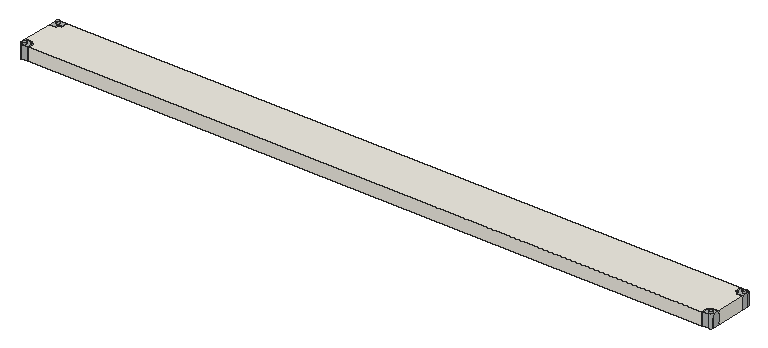
Revit family "HIGHTECH", category Осветительные приборы, Revit 2019 (continued)
Types (32, lengths in mm): name | Файл фотометрической сетки | built-in parameter 1150105 | Lumens | built-in parameter 1150106 | built-in parameter 1150142 | Wattage | Emit from Rectangle Width | Emit from Rectangle Length | Длина | Ширина | ADSK_Ток | ADSK_Полная мощность | ADSK_Обозначение | ADSK_Номинальная мощность | ADSK_Наименование | ADSK_Масса | ADSK_Код изделия
  Hightech-38/opal-sand 295х1195 (IP54, 4000К, белый) c БАП на 3 часа | "Светильник HIGHTECH-38 OPAL-SAND-(295x1195).ies" | 302.39 (stored number, unit not read) | 3800 lm | 3.0239 (stored number, unit not read) | "IESNA:LM-63-1995\r\n[TEST] Протокол №334/16 от 03.11.2016г. Испытательная лаборатория Государственного предприятия \"ЦСОТ НАН Беларуси\"\r\n[MORE] FFFFFFFD255B12BA015C13F525FB5F2F2\r\n[DATA] 02.11.2016\r\n[MANUFAC] ЗАО \"Центрстройсвет\"\r\n[LUMCAT] Светильник HIGHTECH-38/OPAL-SAND-(295X1195)\r\n[LUMINAIRE] офисное освещение\r\n[LAMP] \r\nTILT=NONE\r\n1    -1.0   1.000 91 181 1 2   0.295   1.195   0.04\r\n1.0  1.0   37.90\r\n0.0 2.0 4.0 6.0 8.0 10.0 12.0 14.0 16.0 18.0 20.0 22.0 24.0 26.0 28.0 30.0 32.0 34.0 36.0 38.0 40.0 42.0 44.0 46.0 48.0 50.0 52.0 54.0 56.0 58.0 60.0 62.0 64.0 66.0 68.0 70.0 72.0 74.0 76.0 78.0 80.0 82.0 84.0 86.0 88.0 90.0 92.0 94.0 96.0 98.0 100.0 102.0 104.0 106.0 108.0 110.0 112.0 114.0 116.0 118.0 120.0 122.0 124.0 126.0 128.0 130.0 132.0 134.0 136.0 138.0 140.0 142.0 144.0 146.0 148.0 150.0 152.0 154.0 156.0 158.0 160.0 162.0 164.0 166.0 168.0 170.0 172.0 174.0 176.0 178.0 180.0 \r\n0.0 2.0 4.0 6.0 8.0 10.0 12.0 14.0 16.0 18.0 20.0 22.0 24.0 26.0 28.0 30.0 32.0 34.0 36.0 38.0 40.0 42.0 44.0 46.0 48.0 50.0 52.0 54.0 56.0 58.0 60.0 62.0 64.0 66.0 68.0 70.0 72.0 74.0 76.0 78.0 80.0 82.0 84.0 86.0 88.0 90.0 92.0 94.0 96.0 98.0 100.0 102.0 104.0 106.0 108.0 110.0 112.0 114.0 116.0 118.0 120.0 122.0 124.0 126.0 128.0 130.0 132.0 134.0 136.0 138.0 140.0 142.0 144.0 146.0 148.0 150.0 152.0 154.0 156.0 158.0 160.0 162.0 164.0 166.0 168.0 170.0 172.0 174.0 176.0 178.0 180.0 182.0 184.0 186.0 188.0 190.0 192.0 194.0 196.0 198.0 200.0 202.0 204.0 206.0 208.0 210.0 212.0 214.0 216.0 218.0 220.0 222.0 224.0 226.0 228.0 230.0 232.0 234.0 236.0 238.0 240.0 242.0 244.0 246.0 248.0 250.0 252.0 254.0 256.0 258.0 260.0 262.0 264.0 266.0 268.0 270.0 272.0 274.0 276.0 278.0 280.0 282.0 284.0 286.0 288.0 290.0 292.0 294.0 296.0 298.0 300.0 302.0 304.0 306.0 308.0 310.0 312.0 314.0 316.0 318.0 320.0 322.0 324.0 326.0 328.0 330.0 332.0 334.0 336.0 338.0 340.0 342.0 344.0 346.0 348.0 350.0 352.0 354.0 356.0 358.0 360.0 \r\n1417.637 1416.354 1411.816 1405.303 1395.733 1384.288 1370.276 1353.307 1334.658 1313.741 1290.456 1264.901 1237.669 1208.563 1177.582 1144.923 1111.476 1076.252 \r\n1039.646 1001.857 963.476 923.417 883.260 842.018 801.072 758.644 716.317 673.693 630.576 587.064 543.749 500.435 457.614 414.891 371.972 330.137 289.191 248.836 209.765 171.778 \r\n133.693 99.653 67.389 36.901 9.077 0.592 0.592 0.592 0.493 0.493 0.493 0.493 0.493 0.493 0.493 0.493 0.395 0.395 0.395 0.395 0.395 0.395 0.395 0.296 0.296 0.296 0.296 0.296 0.296 0.296 0.296 0.197 \r\n0.197 0.197 0.197 0.197 0.197 0.197 0.197 0.098 0.098 0.098 0.098 0.098 0.098 0.098 0.098 0.000 0.000 0.000 0.000 \r\n1417.637 1416.453 1411.914 1405.402 1395.930 1384.583 1370.671 1353.701 1335.053 1314.234 1290.850 1265.395 1238.261 1209.155 1178.075 1145.515 1112.067 1076.844 \r\n1040.239 1002.548 964.167 924.207 883.951 842.708 801.762 759.336 717.008 674.383 631.267 587.755 544.441 501.126 458.206 415.385 372.465 330.631 289.585 249.231 210.160 172.172 \r\n134.088 99.949 67.685 37.198 9.275 0.592 0.592 0.592 0.493 0.493 0.493 0.493 0.493 0.493 0.493 0.493 0.395 0.395 0.395 0.395 0.395 0.395 0.395 0.296 0.296 0.296 0.296 0.296 0.296 0.296 0.296 0.197 \r\n0.197 0.197 0.197 0.197 0.197 0.197 0.197 0.098 0.098 0.098 0.098 0.098 0.098 0.098 0.098 0.000 0.000 0.000 0.000 \r\n1417.637 1416.453 1412.013 1405.600 1396.226 1384.781 1370.968 1354.095 1335.448 1314.629 1291.344 1265.888 1238.754 1209.648 1178.667 1146.206 1112.758 1077.534 \r\n1040.929 1003.140 964.857 924.898 884.740 843.400 802.453 760.026 717.698 674.976 631.859 588.446 545.032 501.718 458.798 415.977 373.057 331.124 290.079 249.625 210.553 172.567 \r\n134.383 100.245 67.883 37.394 9.472 0.592 0.592 0.592 0.493 0.493 0.493 0.493 0.493 0.493 0.493 0.493 0.395 0.395 0.395 0.395 0.395 0.395 0.395 0.296 0.296 0.296 0.296 0.296 0.296 0.296 0.296 0.197 \r\n0.197 0.197 0.197 0.197 0.197 0.197 0.197 0.098 0.098 0.098 0.098 0.098 0.098 0.098 0.098 0.000 0.000 0.000 0.000 \r\n1417.637 1416.551 1412.111 1405.796 1396.423 1385.077 1371.264 1354.391 1335.842 1315.024 1291.837 1266.382 1239.248 1210.240 1179.259 1146.798 1113.350 1078.126 \r\n1041.620 1003.831 965.548 925.588 885.431 844.090 803.143 760.717 718.389 675.666 632.549 589.038 545.723 502.310 459.390 416.569 373.550 331.617 290.474 250.119 210.948 172.863 \r\n134.679 100.541 68.178 37.591 9.669 0.592 0.592 0.592 0.493 0.493 0.493 0.493 0.493 0.493 0.493 0.493 0.395 0.395 0.395 0.395 0.395 0.395 0.395 0.296 0.296 0.296 0.296 0.296 0.296 0.296 0.296 0.197 \r\n0.197 0.197 0.197 0.197 0.197 0.197 0.197 0.098 0.098 0.098 0.098 0.098 0.098 0.098 0.098 0.000 0.000 0.000 0.000 \r\n1417.637 1416.551 1412.309 1405.895 1396.621 1385.373 1371.559 1354.786 1336.237 1315.419 1292.232 1266.875 1239.742 1210.733 1179.851 1147.390 1113.942 1078.816 \r\n1042.310 1004.521 966.238 926.279 886.121 844.879 803.834 761.408 719.080 676.357 633.240 589.728 546.315 502.902 459.982 417.062 374.043 332.110 290.967 250.513 211.343 173.258 \r\n135.074 100.837 68.376 37.888 9.965 0.592 0.592 0.592 0.493 0.493 0.493 0.493 0.493 0.493 0.493 0.493 0.395 0.395 0.395 0.395 0.395 0.395 0.395 0.296 0.296 0.296 0.296 0.296 0.296 0.296 0.296 0.197 \r\n0.197 0.197 0.197 0.197 0.197 0.197 0.197 0.098 0.098 0.098 0.098 0.098 0.098 0.098 0.098 0.000 0.000 0.000 0.000 \r\n1417.637 1416.650 1412.407 1406.093 1396.917 1385.669 1371.954 1355.181 1336.632 1315.912 1292.725 1267.368 1240.334 1211.325 1180.443 1147.982 1114.633 1079.409 \r\n1042.903 1005.212 966.929 926.969 886.812 845.569 804.524 762.098 719.770 677.048 633.832 590.320 546.907 503.494 460.574 417.654 374.636 332.603 291.460 250.908 211.738 173.653 \r\n135.371 101.133 68.671 38.086 10.163 0.592 0.592 0.592 0.493 0.493 0.493 0.493 0.493 0.493 0.493 0.493 0.395 0.395 0.395 0.395 0.395 0.395 0.395 0.296 0.296 0.296 0.296 0.296 0.296 0.296 0.296 0.197 \r\n0.197 0.197 0.197 0.197 0.197 0.197 0.197 0.098 0.098 0.098 0.098 0.098 0.098 0.098 0.098 0.000 0.000 0.000 0.000 \r\n1417.637 1416.650 1412.506 1406.191 1397.114 1385.866 1372.250 1355.576 1337.027 1316.307 1293.218 1267.861 1240.827 1211.918 1181.035 1148.672 1115.225 1080.099 \r\n1043.593 1005.902 967.620 927.660 887.503 846.260 805.215 762.789 720.461 677.739 634.523 591.011 547.598 504.086 461.166 418.247 375.129 333.098 291.855 251.401 212.132 173.948 \r\n135.666 101.429 68.968 38.381 10.360 0.592 0.592 0.592 0.493 0.493 0.493 0.493 0.493 0.493 0.493 0.493 0.395 0.395 0.395 0.395 0.395 0.395 0.395 0.296 0.296 0.296 0.296 0.296 0.296 0.296 0.296 0.197 \r\n0.197 0.197 0.197 0.197 0.197 0.197 0.197 0.098 0.098 0.098 0.098 0.098 0.098 0.098 0.098 0.000 0.000 0.000 0.000 \r\n1417.637 1416.650 1412.604 1406.389 1397.311 1386.162 1372.546 1355.871 1337.421 1316.701 1293.613 1268.355 1241.320 1212.411 1181.627 1149.265 1115.816 1080.691 \r\n1044.284 1006.593 968.212 928.351 888.194 846.951 805.906 763.479 721.151 678.429 635.213 591.702 548.190 504.777 461.758 418.740 375.721 333.591 292.348 251.796 212.527 174.343 \r\n135.962 101.627 69.165 38.579 10.557 0.592 0.592 0.592 0.493 0.493 0.493 0.493 0.493 0.493 0.493 0.395 0.395 0.395 0.395 0.395 0.395 0.395 0.395 0.296 0.296 0.296 0.296 0.296 0.296 0.296 0.296 0.197 \r\n0.197 0.197 0.197 0.197 0.197 0.197 0.197 0.098 0.098 0.098 0.098 0.098 0.098 0.098 0.098 0.000 0.000 0.000 0.000 \r\n1417.637 1416.749 1412.704 1406.586 1397.607 1386.458 1372.941 1356.266 1337.815 1317.095 1294.106 1268.848 1241.813 1213.003 1182.219 1149.856 1116.409 1081.382 \r\n1044.876 1007.283 968.902 929.042 888.885 847.642 806.597 764.170 721.843 679.120 635.806 592.293 548.881 505.368 462.351 419.332 376.214 334.084 292.841 252.191 212.922 174.738 \r\n136.357 101.922 69.461 38.776 10.853 0.592 0.592 0.592 0.493 0.493 0.493 0.493 0.493 0.493 0.493 0.395 0.395 0.395 0.395 0.395 0.395 0.395 0.395 0.296 0.296 0.296 0.296 0.296 0.296 0.296 0.296 0.197 \r\n0.197 0.197 0.197 0.197 0.197 0.197 0.197 0.098 0.098 0.098 0.098 0.098 0.098 0.098 0.098 0.000 0.000 0.000 0.000 \r\n1417.637 1416.749 1412.802 1406.684 1397.805 1386.754 1373.237 1356.661 1338.210 1317.589 1294.599 1269.341 1242.406 1213.496 1182.811 1150.448 1117.099 1081.974 \r\n1045.566 1007.974 969.593 929.732 889.575 848.333 807.287 764.861 722.533 679.712 636.496 592.985 549.472 505.960 462.942 419.825 376.707 334.577 293.236 252.684 213.317 175.034 \r\n136.652 102.218 69.659 39.072 11.051 0.592 0.592 0.592 0.493 0.493 0.493 0.493 0.493 0.493 0.493 0.395 0.395 0.395 0.395 0.395 0.395 0.395 0.395 0.296 0.296 0.296 0.296 0.296 0.296 0.296 0.296 0.197 \r\n0.197 0.197 0.197 0.197 0.197 0.197 0.197 0.098 0.098 0.098 0.098 0.098 0.098 0.098 0.098 0.000 0.000 0.000 0.000 \r\n1417.637 1416.848 1412.901 1406.882 1398.002 1387.051 1373.533 1356.957 1338.605 1317.983 1294.994 1269.834 1242.899 1214.089 1183.403 1151.041 1117.692 1082.665 \r\n1046.257 1008.566 970.284 930.423 890.266 849.121 807.978 765.552 723.224 680.403 637.187 593.675 550.163 506.553 463.534 420.416 377.300 335.071 293.729 253.079 213.712 175.429 \r\n136.949 102.515 69.954 39.269 11.248 0.592 0.592 0.592 0.493 0.493 0.493 0.493 0.493 0.493 0.493 0.395 0.395 0.395 0.395 0.395 0.395 0.395 0.395 0.296 0.296 0.296 0.296 0.296 0.296 0.296 0.296 0.197 \r\n0.197 0.197 0.197 0.197 0.197 0.197 0.197 0.098 0.098 0.098 0.098 0.098 0.098 0.098 0.098 0.000 0.000 0.000 0.000 \r\n1417.637 1416.848 1412.999 1407.079 1398.298 1387.247 1373.829 1357.352 1339.000 1318.378 1295.488 1270.327 1243.392 1214.680 1183.995 1151.731 1118.283 1083.257 \r\n1046.849 1009.257 970.975 931.113 891.055 849.813 808.668 766.242 723.914 681.093 637.779 594.266 550.755 507.145 464.126 421.009 377.793 335.564 294.222 253.474 214.105 175.823 \r\n137.343 102.810 70.250 39.467 11.445 0.592 0.592 0.592 0.493 0.493 0.493 0.493 0.493 0.493 0.493 0.395 0.395 0.395 0.395 0.395 0.395 0.395 0.395 0.296 0.296 0.296 0.296 0.296 0.296 0.296 0.296 0.197 \r\n0.197 0.197 0.197 0.197 0.197 0.197 0.197 0.098 0.098 0.098 0.098 0.098 0.098 0.098 0.098 0.000 0.000 0.000 0.000 \r\n1417.637 1416.946 1413.098 1407.178 1398.495 1387.544 1374.223 1357.747 1339.395 1318.773 1295.882 1270.822 1243.886 1215.174 1184.587 1152.323 1118.974 1083.848 \r\n1047.540 1009.947 971.665 931.903 891.746 850.503 809.359 766.933 724.507 681.784 638.470 594.958 551.445 507.836 464.718 421.502 378.287 336.057 294.617 253.967 214.500 176.119 \r\n137.640 103.106 70.447 39.762 11.741 0.592 0.592 0.592 0.493 0.493 0.493 0.493 0.493 0.493 0.493 0.395 0.395 0.395 0.395 0.395 0.395 0.395 0.395 0.296 0.296 0.296 0.296 0.296 0.296 0.296 0.296 0.197 \r\n0.197 0.197 0.197 0.197 0.197 0.197 0.197 0.098 0.098 0.098 0.098 0.098 0.098 0.098 0.098 0.000 0.000 0.000 0.000 \r\n1417.637 1416.946 1413.197 1407.376 1398.693 1387.839 1374.520 1358.042 1339.789 1319.168 1296.376 1271.315 1244.477 1215.765 1185.179 1152.915 1119.566 1084.539 \r\n1048.230 1010.638 972.356 932.594 892.436 851.194 810.050 767.623 725.197 682.474 639.160 595.649 552.038 508.427 465.310 422.094 378.878 336.550 295.111 254.362 214.895 176.514 \r\n137.935 103.403 70.744 39.960 11.939 0.592 0.592 0.592 0.493 0.493 0.493 0.493 0.493 0.493 0.493 0.395 0.395 0.395 0.395 0.395 0.395 0.395 0.395 0.296 0.296 0.296 0.296 0.296 0.296 0.296 0.296 0.197 \r\n0.197 0.197 0.197 0.197 0.197 0.197 0.197 0.098 0.098 0.098 0.098 0.098 0.098 0.098 0.098 0.000 0.000 0.000 0.000 \r\n1417.637 1417.044 1413.295 1407.474 1398.890 1388.135 1374.815 1358.437 1340.184 1319.661 1296.869 1271.808 1244.971 1216.258 1185.673 1153.507 1120.158 1085.131 \r\n1048.823 1011.329 973.046 933.284 893.127 851.884 810.741 768.314 725.888 683.165 639.752 596.240 552.728 509.019 465.902 422.686 379.371 337.044 295.505 254.757 215.388 176.909 \r\n138.232 103.698 70.942 40.157 12.136 0.592 0.592 0.592 0.493 0.493 0.493 0.493 0.493 0.493 0.493 0.395 0.395 0.395 0.395 0.395 0.395 0.395 0.395 0.296 0.296 0.296 0.296 0.296 0.296 0.296 0.296 0.197 \r\n0.197 0.197 0.197 0.197 0.197 0.197 0.197 0.098 0.098 0.098 0.098 0.098 0.098 0.098 0.098 0.000 0.000 0.000 0.000 \r\n1417.637 1417.044 1413.394 1407.671 1399.187 1388.333 1375.111 1358.832 1340.578 1320.056 1297.264 1272.301 1245.464 1216.851 1186.264 1154.099 1120.849 1085.822 \r\n1049.513 1012.020 973.737 933.975 893.818 852.575 811.432 769.004 726.578 683.855 640.443 596.930 553.321 509.611 466.494 423.180 379.964 337.537 295.999 255.250 215.783 177.304 \r\n138.626 103.994 71.237 40.453 12.333 0.592 0.592 0.592 0.493 0.493 0.493 0.493 0.493 0.493 0.493 0.395 0.395 0.395 0.395 0.395 0.395 0.395 0.395 0.296 0.296 0.296 0.296 0.296 0.296 0.296 0.296 0.197 \r\n0.197 0.197 0.197 0.197 0.197 0.197 0.197 0.098 0.098 0.098 0.098 0.098 0.098 0.098 0.098 0.000 0.000 0.000 0.000 \r\n1417.637 1417.143 1413.492 1407.869 1399.383 1388.629 1375.506 1359.226 1340.973 1320.451 1297.757 1272.795 1246.056 1217.443 1186.856 1154.790 1121.441 1086.414 \r\n1050.204 1012.711 974.428 934.665 894.508 853.365 812.122 769.695 727.269 684.448 641.134 597.523 554.011 510.203 467.086 423.772 380.457 338.031 296.492 255.645 216.178 177.599 \r\n138.922 104.291 71.533 40.650 12.629 0.592 0.592 0.592 0.493 0.493 0.493 0.493 0.493 0.493 0.493 0.395 0.395 0.395 0.395 0.395 0.395 0.395 0.395 0.296 0.296 0.296 0.296 0.296 0.296 0.296 0.296 0.197 \r\n0.197 0.197 0.197 0.197 0.197 0.197 0.197 0.098 0.098 0.098 0.098 0.098 0.098 0.098 0.098 0.000 0.000 0.000 0.000 \r\n1417.637 1417.143 1413.592 1407.967 1399.580 1388.925 1375.803 1359.523 1341.367 1320.845 1298.250 1273.288 1246.550 1217.936 1187.448 1155.382 1122.032 1087.105 \r\n1050.894 1013.401 975.119 935.356 895.199 854.055 812.813 770.386 727.959 685.138 641.725 598.213 554.603 510.795 467.678 424.265 380.951 338.524 296.887 256.038 216.573 177.994 \r\n139.218 104.586 71.730 40.848 12.826 0.592 0.592 0.493 0.493 0.493 0.493 0.493 0.493 0.493 0.493 0.395 0.395 0.395 0.395 0.395 0.395 0.395 0.395 0.296 0.296 0.296 0.296 0.296 0.296 0.296 0.296 0.197 \r\n0.197 0.197 0.197 0.197 0.197 0.197 0.197 0.098 0.098 0.098 0.098 0.098 0.098 0.098 0.098 0.000 0.000 0.000 0.000 \r\n1417.637 1417.242 1413.690 1408.165 1399.877 1389.220 1376.098 1359.917 1341.762 1321.339 1298.645 1273.781 1247.043 1218.528 1188.041 1155.974 1122.723 1087.697 \r\n1051.487 1013.993 975.810 936.046 895.889 854.746 813.503 771.077 728.650 685.829 642.416 598.904 555.294 511.486 468.270 424.857 381.542 339.018 297.380 256.533 216.967 178.389 \r\n139.613 104.882 72.026 41.143 13.024 0.592 0.592 0.493 0.493 0.493 0.493 0.493 0.493 0.493 0.493 0.395 0.395 0.395 0.395 0.395 0.395 0.395 0.395 0.296 0.296 0.296 0.296 0.296 0.296 0.296 0.296 0.197 \r\n0.197 0.197 0.197 0.197 0.197 0.197 0.197 0.098 0.098 0.098 0.098 0.098 0.098 0.098 0.098 0.000 0.000 0.000 0.000 \r\n1417.637 1417.242 1413.789 1408.362 1400.075 1389.517 1376.394 1360.311 1342.157 1321.733 1299.138 1274.274 1247.536 1219.022 1188.632 1156.566 1123.315 1088.388 \r\n1052.177 1014.684 976.500 936.738 896.581 855.436 814.194 771.768 729.341 686.519 643.107 599.496 555.885 512.078 468.862 425.449 382.035 339.511 297.873 256.926 217.362 178.685 \r\n139.909 105.079 72.223 41.341 13.221 0.592 0.592 0.493 0.493 0.493 0.493 0.493 0.493 0.493 0.493 0.395 0.395 0.395 0.395 0.395 0.395 0.395 0.395 0.296 0.296 0.296 0.296 0.296 0.296 0.296 0.296 0.197 \r\n0.197 0.197 0.197 0.197 0.197 0.197 0.197 0.098 0.098 0.098 0.098 0.098 0.098 0.098 0.098 0.000 0.000 0.000 0.000 \r\n1417.637 1417.341 1413.986 1408.461 1400.271 1389.715 1376.789 1360.608 1342.552 1322.128 1299.632 1274.768 1248.128 1219.614 1189.224 1157.256 1123.907 1088.980 \r\n1052.868 1015.374 977.191 937.428 897.369 856.127 814.884 772.458 730.032 687.211 643.698 600.187 556.577 512.670 469.454 425.942 382.529 340.004 298.268 257.321 217.756 179.080 \r\n140.204 105.376 72.520 41.538 13.517 0.592 0.592 0.493 0.493 0.493 0.493 0.493 0.493
